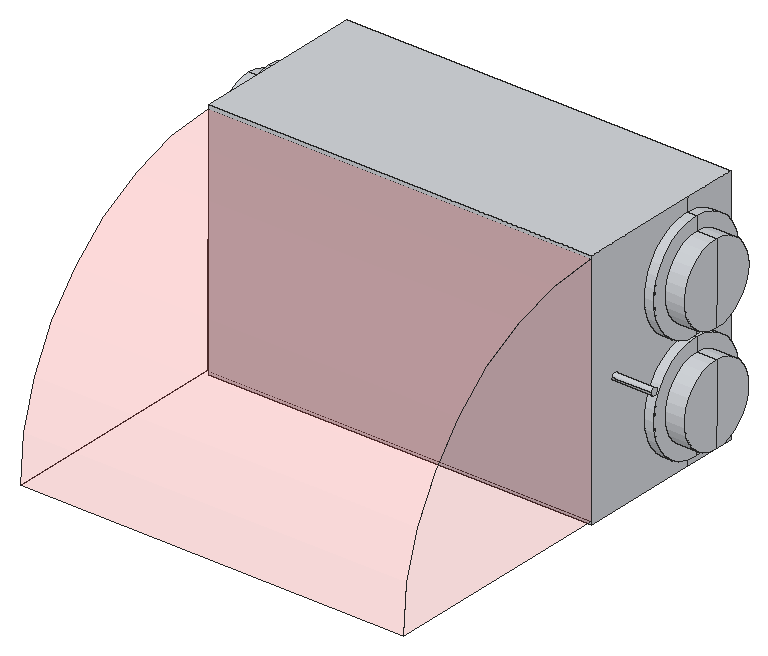
Revit family
Parameters (values of type "120 V Single Phase")
  Weight Scheduled [instance] = 49  # constant formula
  Voltage Workaround = Voltage / 1 V  # 120
  Voltage Scheduled = Voltage  # 120 V
  Voltage = 120 V  # constant formula
  VoltAmps Workaround [instance] = Voltage Workaround * Total FLA * sqrt(Phase)  # 144
  VoltAmps [instance] = VoltAmps Workaround * 1 VA  # 144 VA
  URL = "http://www.renewaire.com/_assets/files/SubmittalForms/EV130Submittal.pdf"
  Total FLA [instance] = 1.2  # constant formula
  Supply Motor RPM Scheduled [instance] = 0
  Supply Motor HP Scheduled [instance] = Supply Motor HP  # 0.1
  Supply Motor HP [instance] = 0.1  # constant formula
  Supply Motor FLA [instance] = 1.2  # constant formula
  Supply Motor Count Scheduled [instance] = 0
  Supply ESP Scheduled [instance] = Supply ESP  # 0.6
  Supply ESP [instance] = if(Supply CFM < 80 CFM, 0.6, if(Supply CFM < 105 CFM, 0.5, if(Supply CFM < 127 CFM, 0.4, if(Supply CFM < 138 CFM, 0.3, if(Supply CFM < 154 CFM, 0.2, if(Supply CFM < 166 CFM, 0.1, if(Supply CFM > 165 CFM, 0, 0)))))))  # 0.6
  Supply CFM Scheduled [instance] = Supply CFM  # 0 CFM
  Supply CFM [instance] = 0 CFM
  Supply Air Winter RH Scheduled [instance] = 0
  Supply Air Winter DB Scheduled [instance] = 0
  Supply Air Summer RH Scheduled [instance] = 0
  Supply Air Summer DB Scheduled [instance] = 0
  Phase Scheduled = Phase  # 1
  Phase = 1  # constant formula
  Outside Air Winter RH Scheduled [instance] = 0
  Outside Air Winter DB Scheduled [instance] = 0
  Outside Air Summer RH Scheduled [instance] = 0
  Outside Air Summer DB Scheduled [instance] = 0
  Number of Poles = 1
  Model = "EV130"
  Manufacturer = "RenewAire"
  MOCP Scheduled [instance] = 0
  MCA Scheduled [instance] = 0
  FLA Scheduled [instance] = Total FLA  # 1.2
  Exhaust RH Scheduled [instance] = 0
  Exhaust Motor RPM Scheduled [instance] = 0
  Exhaust Motor HP Scheduled [instance] = 0.1
  Exhaust Motor Count Scheduled [instance] = 0
  Exhaust ESP Scheduled [instance] = Exhaust ESP  # 0.6
  Exhaust ESP [instance] = if(Exhaust CFM < 80 CFM, 0.6, if(Exhaust CFM < 105 CFM, 0.5, if(Exhaust CFM < 127 CFM, 0.4, if(Exhaust CFM < 138 CFM, 0.3, if(Exhaust CFM < 154 CFM, 0.2, if(Exhaust CFM < 166 CFM, 0.1, if(Exhaust CFM > 165 CFM, 0, 0)))))))  # 0.6
  Exhaust DB Scheduled [instance] = 0
  Exhaust CFM Scheduled [instance] = Exhaust CFM  # 0 CFM
  Exhaust CFM [instance] = 0 CFM
  Enthalpy Effect Winter Scheduled [instance] = if(Supply CFM < 80 CFM, 73, if(Supply CFM < 105 CFM, 69, if(Supply CFM < 127 CFM, 66, if(Supply CFM < 138 CFM, 64, if(Supply CFM < 154 CFM, 61, if(Supply CFM < 166 CFM, 59, if(Supply CFM > 165 CFM, 0, 0)))))))  # 73
  Enthalpy Effect Summer Scheduled [instance] = if(Supply CFM < 80 CFM, 60, if(Supply CFM < 105 CFM, 55, if(Supply CFM < 127 CFM, 50, if(Supply CFM < 138 CFM, 48, if(Supply CFM < 154 CFM, 45, if(Supply CFM < 166 CFM, 43, if(Supply CFM > 165 CFM, 0, 0)))))))  # 60
Reference planes (in)
  plane 1 "Center (Front/Back)": y = 0.125
  plane 2: z = 0
  plane 3 "Center (Left/Right)": x = 0
  plane 4 "Air Out Connector Centerline": y = 2.375
  plane 5 "MOUNTING FLANGE": y = 6.5
Forms (in)
  Extrusion 1, solid
    sketch origin (0, 0, 0) x (1, 0, 0) y (0, 1, 0)
      loop
        line (-14.375, 6.5) -> (-14.375, -6.5) -> (14.375, -6.5) -> (14.375, 2.5) -> (14.375, 6.5) -> (-14.375, 6.5)
    from 1 to 19.125
  Extrusion 2, solid
    sketch origin (0, 0, 0.25) x (0, 1, 0) y (0, 0, 1)
      loop
        line (-6.5, 1) -> (-6.5, 18.625)
        arc (-6.5, 18.625) -> (-18.96276, 13.46276) -> (-24.125, 1) r 17.625
        line (-24.125, 1) -> (-6.5, 1)
    from 14.375 to -14.375
  Revolve 3, solid
    sketch origin (0, 2.375, 0) x (-1, 0, 0) y (0, 0, 1)
      loop
        line (-14.375, 18.12495) -> (-15.125, 18.12495) -> (-15.125, 17.125) -> (-16.625, 17.125) -> (-16.625, 14.125) -> (-14.375, 14.125) -> (-14.375, 18.12495)
      axis (-16.625, 14.125) -> (-14.375, 14.125)
    angle from 0 to 360
  Revolve 4, solid
    sketch origin (0, 2.375, -8.5) x (-1, 0, 0) y (0, 0, 1)
      loop
        line (-14.375, 18.49995) -> (-15.125, 18.49995) -> (-15.125, 17.5) -> (-16.625, 17.5) -> (-16.625, 14.5) -> (-14.375, 14.5) -> (-14.375, 18.49995)
      axis (-16.625, 14.5) -> (-14.375, 14.5)
    angle from 0 to 360
  Revolve 5, solid
    sketch origin (0, 0.125, 0) x (1, 0, 0) y (0, 0, 1)
      loop
        line (-14.375, 18.62495) -> (-15.125, 18.62495) -> (-15.125, 17.625) -> (-16.625, 17.625) -> (-16.625, 14.625) -> (-14.375, 14.625) -> (-14.375, 18.62495)
      axis (-16.625, 14.625) -> (-14.375, 14.625)
    angle from 0 to 360
  Revolve 6, solid
    sketch origin (0, 0.125, -9.125) x (1, 0, 0) y (0, 0, 1)
      loop
        line (-14.375, 18.62495) -> (-15.125, 18.62495) -> (-15.125, 17.625) -> (-16.625, 17.625) -> (-16.625, 14.625) -> (-14.375, 14.625) -> (-14.375, 18.62495)
      axis (-16.625, 14.625) -> (-14.375, 14.625)
    angle from 0 to 360
  Extrusion 7, solid
    sketch origin (14.375, 37.56044, 0) x (0, -1, 0) y (0, 0, -1)
      loop
        circle (41.9281, -10.09137) r 0.25
    from 3 to 0
Cuts and joins
  joined: Extrusion 1, Revolve 3, Revolve 4, Revolve 5, Revolve 6, Extrusion 7
Lines and regions (in)
  model lines, style "RenewAire ERV"
    curve 1: line (-14.375, 6.5, 19.125) -> (-13.375, 6.5, 20.125)
    curve 2: line (-13.375, 6.5, 20.125) -> (13.375, 6.5, 20.125)
    curve 3: line (14.375, 6.5, 19.125) -> (13.375, 6.5, 20.125)
    curve 4: circle (-12, 6.5, 19.6107) r 0.25 normal (0, 1, 0)
    curve 5: circle (-4, 6.5, 19.6107) r 0.25 normal (0, 1, 0)
    curve 6: circle (12, 6.5, 19.6107) r 0.25 normal (0, -1, 0)
    curve 7: circle (4, 6.5, 19.6107) r 0.25 normal (0, -1, 0)
    curve 8: line (-14.375, 6.5, 1) -> (-13.375, 6.5, 0)
    curve 9: line (-13.375, 6.5, 0) -> (13.375, 6.5, 0)
    curve 10: line (14.375, 6.5, 1) -> (13.375, 6.5, 0)
    curve 11: circle (-12, 6.5, 0.5143) r 0.25 normal (0, -1, 0)
    curve 12: circle (-4, 6.5, 0.5143) r 0.25 normal (0, -1, 0)
    curve 13: circle (12, 6.5, 0.5143) r 0.25 normal (0, 1, 0)
    curve 14: circle (4, 6.5, 0.5143) r 0.25 normal (0, 1, 0)
Dimensions and locks (in)
  Extrusion 1 to plane 4 "Air Out Connector Centerline" = 0' - 4 1/8"
  Extrusion 1 to Revolve 3 sketch curve = 0' - 5"
  Extrusion 1 to Revolve 5 sketch curve = 0' - 4 1/2"
  plane 1 "Center (Front/Back)" to plane 5 "MOUNTING FLANGE" = 0' - 6 3/8"
  aligned and locked: plane 5 "MOUNTING FLANGE" to cut or joined group of Extrusion 1, Revolve 3, Revolve 4, Revolve 5, Revolve 6, Extrusion 7
Connectors (in)
  hvac at (16.625, 2.375, 14.125), driven by "Exhaust CFM"
    settings: on Revolve 3, index 6, duct flow 0 CFM, flow factor 0, pres drop 0.00 in-wg, loss coef 0, conn angle 0.00°, conn width 12", conn height 12", conn radius 3", duct sys type 3, conn prof type 0, flow config 1, flow direction 2, loss method 0, conn ref index -1, conn util no, is conn primary yes, conn desc ""
  hvac at (16.625, 2.375, 6), driven by "Supply CFM"
    settings: on Revolve 4, index 7, duct flow 0 CFM, flow factor 0, pres drop 0.00 in-wg, loss coef 0, conn angle 0.00°, conn width 12", conn height 12", conn radius 3", duct sys type 1, conn prof type 0, flow config 0, flow direction 2, loss method 0, conn ref index -1, conn util no, is conn primary no, conn desc ""
  hvac at (-16.625, 0.125, 14.625), driven by "Supply CFM"
    settings: on Revolve 5, index 8, duct flow 0 CFM, flow factor 0, pres drop 0.00 in-wg, loss coef 0, conn angle 0.00°, conn width 12", conn height 12", conn radius 3", duct sys type 1, conn prof type 0, flow config 1, flow direction 1, loss method 0, conn ref index -1, conn util no, is conn primary no, conn desc ""
  hvac at (-16.625, 0.125, 5.5), driven by "Exhaust CFM"
    settings: on Revolve 6, index 9, duct flow 0 CFM, flow factor 0, pres drop 0.00 in-wg, loss coef 0, conn angle 0.00°, conn width 12", conn height 12", conn radius 3", duct sys type 3, conn prof type 0, flow config 0, flow direction 1, loss method 0, conn ref index -1, conn util no, is conn primary no, conn desc ""
  electrical at (17.375, -4.36766, 10.09137), driven by "VoltAmps", driven by "Voltage", driven by "Number of Poles"
    settings: on cut or joined group of Extrusion 1, Revolve 3, Revolve 4, Revolve 5, Revolve 6, Extrusion 7, index 10, voltage 120 V, apparent load 144 VA, apparent load phase1 0 VA, apparent load phase2 0 VA, apparent load phase3 0 VA, power factor 1, load classification "HVAC", number of poles 1, system type 30, power factor state 1, is connector primary yes, connector utility no, sub classification motor no, connector description "CORD CONNECTED"
